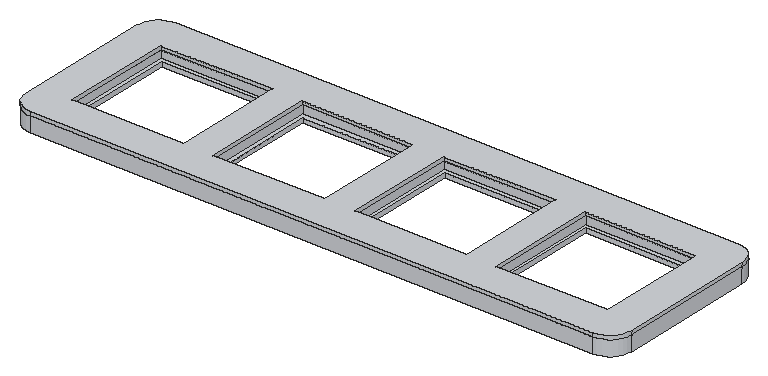
Revit family "Gira_0214423", category Electrical Fixtures, host Face, Revit 2017
Family settings
  Host = Face
  Maintain Annotation Orientation = No
  Round Connector Dimension = Use Diameter
  Part Type = Normal
  Cut with Voids When Loaded = No
  Shared = No
  Room Calculation Point = No
Parameters (values of type "Abdeckrahmen 4f Gira E3 Dklgrau/Anthrazit")
  Werkstoffgüte = "sonstige"
  Werkstoff = "sonstige"
  URL = "http://katalog.gira.de/de_DE/datenblatt.html?artikelnr=0214423"
  Transparent = "No"
  Textfeld/Beschriftungsfläche = "No"
  Schutzart (IP) = "IP20"
  Region = "DE"
  Oberfläche = "sonstige"
  Name = "Abdeckrahmen 4f Gira E3 Dklgrau/Anthrazit"
  Montagerichtung = "horizontal und vertikal"
  Mit Montagerahmen = "No"
  Mit Klappdeckel = "No"
  Manufacturer URL = "https://www.gira.de/"
  Keynote = "E3_Rahmen_4fach"
  HeinzeBIM = "https://bimportal.heinze.de/bim/abdeckrahmen-4f-gira-e3-dklgrau-anthrazit/4b1ad83a93a66e4889462d116b3549c1ff3ade16"
  Halogenfrei = "No"
  HAN = "0214423"
  Geeignet für Unterputz-Installation = "Yes"
  Geeignet für Unterflurkanaldose = "No"
  Geeignet für Geräteeinbaukanal = "No"
  Geeignet für Einbauinstallation = "No"
  GTIN = "4010337024118"
  Farbe = "grau"
  Default Elevation = 1219.2 mm
  Data sheet (1) = "https://katalog.gira.de/de_DE/download.html?artikelnr=0214423"
  Category = "Abdeckrahmen"
  Befestigungsart = "Klemmbefestigung"
  Available = "Yes"
  Anzahl der Einheiten vertikal = "4 "
  Anzahl der Einheiten horizontal = "4 "
  Anzahl der Einheiten = "4 "
Reference planes
  plane 1 "Center (Front/Back)": y = 0
  plane 2: z = 0
  plane 3 "Center (Left/Right)": x = 0
Forms (mm)
  Extrusion 1, solid, detail levels fine
    sketch origin (0, 0, 0) x (1, 0, 0) y (0, 1, 0)
      loop
        arc (-141.75, 45.809) -> (-149.535, 42.585) -> (-152.759, 34.8) r 11.009
        line (-152.759, 34.8) -> (-152.759, -34.8)
        arc (-152.759, -34.8) -> (-149.535, -42.585) -> (-141.75, -45.809) r 11.009
        line (-141.75, -45.809) -> (141.75, -45.809)
        arc (141.75, -45.809) -> (149.535, -42.585) -> (152.759, -34.8) r 11.009
        line (152.759, -34.8) -> (152.759, 34.8)
        arc (152.759, 34.8) -> (149.535, 42.585) -> (141.75, 45.809) r 11.009
        line (141.75, 45.809) -> (-141.75, 45.809)
      loop
        line (-78.85, 28.187) -> (-135.106, 28.187) -> (-135.106, -28.187) -> (-78.85, -28.187) -> (-78.85, 28.187)
      loop
        line (-63.95, 28.187) -> (-63.95, -28.187) -> (-7.695, -28.187) -> (-7.695, 28.187) -> (-63.95, 28.187)
      loop
        line (78.85, 28.187) -> (78.85, -28.187) -> (135.106, -28.187) -> (135.106, 28.187) -> (78.85, 28.187)
      loop
        line (63.95, 28.187) -> (7.695, 28.187) -> (7.695, -28.187) -> (63.95, -28.187) -> (63.95, 28.187)
    from 7.65 to 9.5
  Extrusion 2, solid, detail levels fine
    sketch origin (-107.15, 0, 0) x (1, 0, 0) y (0, 1, 0)
      loop
        line (26.1, 25.7) -> (-25.7, 25.7) -> (-25.7, -25.7) -> (26.1, -25.7) -> (26.1, 25.7)
      loop
        line (-28.187, -28.156) -> (28.187, -28.156) -> (28.187, 28.156) -> (-28.187, 28.156) -> (-28.187, -28.156)
    from 1.65 to 3.9
  Extrusion 3, solid, detail levels fine
    sketch origin (0, 0, 0) x (1, 0, 0) y (0, 1, 0)
      loop
        arc (-141.75, 45.809) -> (-149.535, 42.585) -> (-152.759, 34.8) r 11.009
        line (-152.759, 34.8) -> (-152.759, -34.8)
        arc (-152.759, -34.8) -> (-149.535, -42.585) -> (-141.75, -45.809) r 11.009
        line (-141.75, -45.809) -> (141.75, -45.809)
        arc (141.75, -45.809) -> (149.535, -42.585) -> (152.759, -34.8) r 11.009
        line (152.759, -34.8) -> (152.759, 34.8)
        arc (152.759, 34.8) -> (149.535, 42.585) -> (141.75, 45.809) r 11.009
        line (141.75, 45.809) -> (-141.75, 45.809)
      loop
        line (-150.793, 34.785) -> (-150.793, -34.785)
        arc (-150.793, -34.785) -> (-148.14, -41.19) -> (-141.735, -43.843) r 9.058
        line (-141.735, -43.843) -> (141.735, -43.843)
        arc (141.735, -43.843) -> (148.14, -41.19) -> (150.793, -34.785) r 9.058
        line (150.793, -34.785) -> (150.793, 34.785)
        arc (150.793, 34.785) -> (148.14, 41.19) -> (141.735, 43.843) r 9.058
        line (141.735, 43.843) -> (-141.735, 43.843)
        arc (-141.735, 43.843) -> (-148.14, 41.19) -> (-150.793, 34.785) r 9.058
    from 0 to 7.65
  Extrusion 4, solid, detail levels fine
    sketch origin (-35.75, 0, 0) x (1, 0, 0) y (0, 1, 0)
      loop
        line (-98.606, -31.075) -> (170.105, -31.075)
        arc (170.105, -31.075) -> (172.749, -29.98) -> (173.844, -27.337) r 3.739
        line (173.844, -27.337) -> (173.844, 27.337)
        arc (173.844, 27.337) -> (172.749, 29.98) -> (170.105, 31.075) r 3.739
        line (170.105, 31.075) -> (-98.606, 31.075)
        arc (-98.606, 31.075) -> (-101.249, 29.98) -> (-102.344, 27.337) r 3.739
        line (-102.344, 27.337) -> (-102.344, -27.337)
        arc (-102.344, -27.337) -> (-101.249, -29.98) -> (-98.606, -31.075) r 3.739
      loop
        line (-101.194, 27.537) -> (-101.194, -27.537)
        arc (-101.194, -27.537) -> (-100.495, -29.226) -> (-98.806, -29.925) r 2.389
        line (-98.806, -29.925) -> (170.305, -29.925)
        arc (170.305, -29.925) -> (171.994, -29.226) -> (172.694, -27.537) r 2.389
        line (172.694, -27.537) -> (172.694, 27.537)
        arc (172.694, 27.537) -> (171.994, 29.226) -> (170.305, 29.925) r 2.389
        line (170.305, 29.925) -> (-98.806, 29.925)
        arc (-98.806, 29.925) -> (-100.495, 29.226) -> (-101.194, 27.537) r 2.389
    from 1.65 to 7.65
  Extrusion 5, solid, detail levels fine
    sketch origin (0, 0, 0) x (1, 0, 0) y (0, 1, 0)
      loop
        line (-139.017, -39.8) -> (139.017, -39.8)
        arc (139.017, -39.8) -> (144.632, -36.708) -> (146.864, -30.7) r 9.2
        line (146.864, -30.7) -> (146.864, 30.7)
        arc (146.864, 30.7) -> (144.17, 37.205) -> (137.664, 39.9) r 9.2
        line (137.664, 39.9) -> (-137.664, 39.9)
        arc (-137.664, 39.9) -> (-144.17, 37.205) -> (-146.864, 30.7) r 9.2
        line (-146.864, 30.7) -> (-146.864, -30.7)
        arc (-146.864, -30.7) -> (-144.632, -36.708) -> (-139.017, -39.8) r 9.2
      loop
        line (-137.664, -31.7) -> (137.664, -31.7)
        arc (137.664, -31.7) -> (138.372, -31.407) -> (138.664, -30.7) r 1
        line (138.664, -30.7) -> (138.664, 30.7)
        arc (138.664, 30.7) -> (138.372, 31.407) -> (137.664, 31.7) r 1
        line (137.664, 31.7) -> (-137.664, 31.7)
        arc (-137.664, 31.7) -> (-138.372, 31.407) -> (-138.664, 30.7) r 1
        line (-138.664, 30.7) -> (-138.664, -30.7)
        arc (-138.664, -30.7) -> (-138.372, -31.407) -> (-137.664, -31.7) r 1
    from 1.65 to 3.9
  Extrusion 6, solid, detail levels fine
    sketch origin (-107.15, 0, 0) x (1, 0, 0) y (0, 1, 0)
      loop
        line (-28.187, 28.156) -> (-28.187, -28.156) -> (28.187, -28.156) -> (28.187, 28.156) -> (-28.187, 28.156)
      loop
        line (-29.925, 29.925) -> (-29.925, -29.925) -> (29.925, -29.925) -> (29.925, 29.925) -> (-29.925, 29.925)
    from 1.65 to 7.65
  Extrusion 7, solid, detail levels coarse+medium
    sketch origin (0, 0, 0) x (1, 0, 0) y (0, 1, 0)
      loop
        line (-152.759, 45.809) -> (-152.759, -45.809) -> (152.759, -45.809) -> (152.759, 45.809) -> (-152.759, 45.809)
    from 0 to 9.5
  Extrusion 8, solid, detail levels fine
    sketch origin (-35.65, 0, 0) x (-1, 0, 0) y (0, -1, 0)
      loop
        line (25.9, -25.7) -> (25.9, 25.7) -> (-25.9, 25.7) -> (-25.9, -25.7) -> (25.9, -25.7)
      loop
        line (-28.187, 28.156) -> (-28.187, -28.156) -> (28.187, -28.156) -> (28.187, 28.156) -> (-28.187, 28.156)
    from 1.65 to 3.9
  Extrusion 9, solid, detail levels fine
    sketch origin (-35.65, 0, 0) x (-1, 0, 0) y (0, -1, 0)
      loop
        line (-28.187, -28.156) -> (28.187, -28.156) -> (28.187, 28.156) -> (-28.187, 28.156) -> (-28.187, -28.156)
      loop
        line (-29.925, -29.925) -> (29.925, -29.925) -> (29.925, 29.925) -> (-29.925, 29.925) -> (-29.925, -29.925)
    from 1.65 to 7.65
  Extrusion 10, solid, detail levels fine
    sketch origin (35.85, 0, 0) x (-1, 0, 0) y (0, -1, 0)
      loop
        line (26.1, -25.7) -> (26.1, 25.7) -> (-25.7, 25.7) -> (-25.7, -25.7) -> (26.1, -25.7)
      loop
        line (-28.187, 28.156) -> (-28.187, -28.156) -> (28.187, -28.156) -> (28.187, 28.156) -> (-28.187, 28.156)
    from 1.65 to 3.9
  Extrusion 11, solid, detail levels fine
    sketch origin (35.85, 0, 0) x (-1, 0, 0) y (0, -1, 0)
      loop
        line (-28.187, -28.156) -> (28.187, -28.156) -> (28.187, 28.156) -> (-28.187, 28.156) -> (-28.187, -28.156)
      loop
        line (-29.925, -29.925) -> (29.925, -29.925) -> (29.925, 29.925) -> (-29.925, 29.925) -> (-29.925, -29.925)
    from 1.65 to 7.65
  Extrusion 12, solid, detail levels fine
    sketch origin (107.15, 0, 0) x (-1, 0, 0) y (0, -1, 0)
      loop
        line (26.1, -25.7) -> (26.1, 25.7) -> (-25.7, 25.7) -> (-25.7, -25.7) -> (26.1, -25.7)
      loop
        line (-28.187, 28.156) -> (-28.187, -28.156) -> (28.187, -28.156) -> (28.187, 28.156) -> (-28.187, 28.156)
    from 1.65 to 3.9
  Extrusion 13, solid, detail levels fine
    sketch origin (107.15, 0, 0) x (-1, 0, 0) y (0, -1, 0)
      loop
        line (-28.187, -28.156) -> (28.187, -28.156) -> (28.187, 28.156) -> (-28.187, 28.156) -> (-28.187, -28.156)
      loop
        line (-29.925, -29.925) -> (29.925, -29.925) -> (29.925, 29.925) -> (-29.925, 29.925) -> (-29.925, -29.925)
    from 1.65 to 7.65
Dimensions and locks
  aligned and locked: plane 2 to host face
  aligned and locked: level to host face
